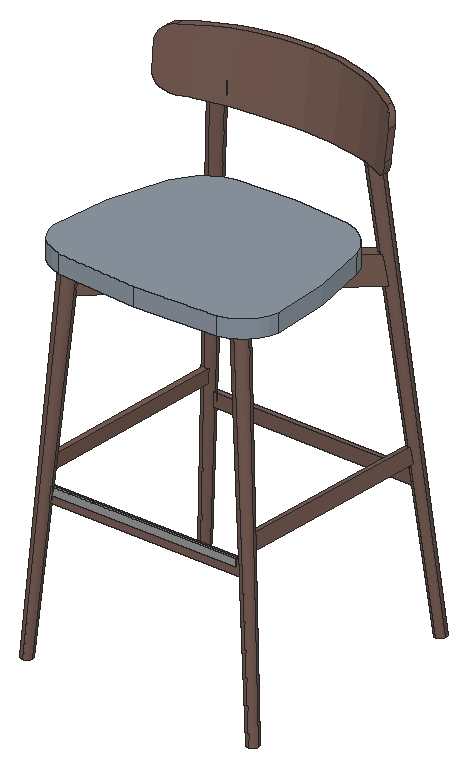
Revit family "FU_Stool_Sandler_Fly 3-1", category Furniture, Revit 2020
Family settings
  OmniClass Number = 23.40.20.00
  OmniClass Title = General Furniture and Specialties
  Work Plane-Based = No
  Always vertical = Yes
  Cut with Voids When Loaded = No
  Shared = No
  Room Calculation Point = No
Parameters (values of type "Fly 3.1")
  Width = 540 mm
  Upholstery = Fabric - Gravity - Frozen CPC27
  URL = "https://www.sandlerseating.com/product/fly-3-1/"
  Model = "Fly 3.1"
  Manufacturer = "Sandler"
  Height = 1080 mm
  Frame = Wood - Beech - Walnut - V
  Description = "Barstool with a solid beech back and frame with an upholstered seat, fitted with a stainless steel kick-plate on the front footrest."
  Depth = 535 mm
  Default Elevation = 0 mm
Reference planes
  plane 1 "Center (Front/Back)": y = 0
  plane 2: z = 0
  plane 3 "Center (Left/Right)": x = 0
  plane 4 "Right": x = -270
  plane 5 "Left": x = 270
  plane 6 "Back": y = 267.5
  plane 7 "Front": y = -267.5
  plane 8 "Height": z = 1080
  plane 9 "Seat height": z = 770
  plane 10 "FL Angle RIGHT": through (4267.2, -247.189, 3.106) normal (0, -0.9986, 0.0523)
  plane 11 "BL Angle RIGHT": through (4267.2, 253.813, 6.762) normal (0, -0.9968, -0.0796)
  plane 12 "RBL Anglr FRONT": through (-257.943, -1524, 6.867) normal (-0.996, 0, 0.0898)
  plane 13: through (188.37, -1524, 783.473) normal (0.9971, 0, 0.0759)
  plane 14 "cross Angle RIGHT": through (4267.2, -181.288, 717.026) normal (0, 0.0523, 0.9986)
Forms (mm)
  Sweep 1, solid, material "Wood - Beech - Walnut - V" <- "Frame"
    path origin (0, 0, 0) x (0, 1, 0) y (0, 0, 1)
      loop
        line (211.483, 893.134) -> (239.318, 1091.187)
    profile "Pro_Fly_back : Pro_Fly_back" origin (0, 225.4, 992.16) x (0, -0.990268, 0.139173) y (1, 0, 0)
      loop
        arc (114.642, 268.951) -> (-0.066, 0) -> (114.626, -268.958) r 372.681
        line (114.626, -268.958) -> (123.106, -260.478)
        arc (123.106, -260.478) -> (11.944, 0.039) -> (122.986, 260.608) r 361.047
        line (122.986, 260.608) -> (114.642, 268.951)
  Extrusion 2, void
    sketch origin (0, 0, 0) x (1, 0, 0) y (0, 0, 1)
      loop
        arc (0, 1075.598) -> (-115.054, 1076.734) -> (-230.061, 1080.196) r 5691.244
        arc (-230.061, 1080.196) -> (-248.857, 1073.596) -> (-258.008, 1055.902) r 26.995
        line (-258.008, 1055.902) -> (-255.802, 992.734)
        arc (-255.802, 992.734) -> (-246.214, 965.659) -> (-222.831, 948.98) r 47.759
        arc (-222.831, 948.98) -> (-112.201, 929.22) -> (0, 922.883) r 934.559
        arc (0, 922.883) -> (112.201, 929.22) -> (222.831, 948.98) r 934.559
        arc (222.831, 948.98) -> (246.214, 965.659) -> (255.802, 992.734) r 47.759
        line (255.802, 992.734) -> (258.008, 1055.902)
        arc (258.008, 1055.902) -> (248.857, 1073.596) -> (230.061, 1080.196) r 26.995
        arc (230.061, 1080.196) -> (115.054, 1076.734) -> (0, 1075.598) r 5691.244
      loop
        line (-290.391, 1143.375) -> (-290.391, 868.375) -> (294.609, 868.375) -> (294.609, 1143.375) -> (-290.391, 1143.375)
    from -267.5 to -69.622
  SweptBlend 3, solid, material "Wood - Beech - Walnut - V" <- "Frame"
    path origin (0, -246.675, 12.928) x (0, -0.052336, -0.99863) y (1, 0, 0)
      loop
        line (21.674, 248.655) -> (-776.014, 187.881)
    profile "Pro_Circles : 24mm" origin (248.655, -247.809, -8.717) x (-0.99711, -0.003976, -0.075863) y (0, -0.99863, 0.052336)
      loop
        arc (-11.967, 0.067) -> (-8.529, -8.434) -> (-0.067, -11.967) r 11.901
        arc (-0.067, -11.967) -> (8.482, -8.482) -> (11.967, 0.067) r 11.901
        arc (11.967, 0.067) -> (8.434, 8.529) -> (-0.067, 11.967) r 11.901
        arc (-0.067, 11.967) -> (-8.481, 8.481) -> (-11.967, 0.067) r 11.9
    end profile "Pro_Circles : 36mm" origin (187.881, -206.061, 787.878) x (-0.99711, -0.003976, -0.075863) y (0, -0.99863, 0.052336)
      loop
        arc (-17.967, 0.067) -> (-12.771, -12.677) -> (-0.066, -17.967) r 17.901
        arc (-0.066, -17.967) -> (12.725, -12.725) -> (17.967, 0.067) r 17.901
        arc (17.967, 0.067) -> (12.677, 12.771) -> (-0.067, 17.967) r 17.9
        arc (-0.067, 17.967) -> (-12.724, 12.724) -> (-17.967, 0.067) r 17.9
  SweptBlend 4, solid, material "Wood - Beech - Walnut - V" <- "Frame"
    path origin (0, 252.742, 20.172) x (0, 0.079561, -0.99683) y (1, 0, 0)
      loop
        line (29.008, -259.49) -> (-1016.727, -164.946)
    profile "Pro_Circles : 24mm" origin (-259.49, 255.05, -8.743) x (-0.995938, -0.007164, 0.089757) y (0, -0.99683, -0.079561)
      loop
        arc (-11.967, 0.067) -> (-8.529, -8.434) -> (-0.067, -11.967) r 11.901
        arc (-0.067, -11.967) -> (8.482, -8.482) -> (11.967, 0.067) r 11.901
        arc (11.967, 0.067) -> (8.434, 8.529) -> (-0.067, 11.967) r 11.901
        arc (-0.067, 11.967) -> (-8.481, 8.481) -> (-11.967, 0.067) r 11.9
    end profile "Pro_Circles : 36mm" origin (-164.946, 171.85, 1033.677) x (-0.995938, -0.007164, 0.089757) y (0, -0.99683, -0.079561)
      loop
        arc (-17.967, 0.067) -> (-12.771, -12.677) -> (-0.066, -17.967) r 17.901
        arc (-0.066, -17.967) -> (12.725, -12.725) -> (17.967, 0.067) r 17.901
        arc (17.967, 0.067) -> (12.677, 12.771) -> (-0.067, 17.967) r 17.9
        arc (-0.067, 17.967) -> (-12.724, 12.724) -> (-17.967, 0.067) r 17.9
  Sweep 5, void
    path origin (0, 0, 0) x (0, 1, 0) y (0, 0, 1)
      loop
        line (216.668, 929.556) -> (237.194, 1075.598)
    profile "Pro_Fly_back_void : Pro_Fly_back_void" origin (0, 226.931, 1002.577) x (0, -0.990267, 0.13918) y (1, 0, 0)
      loop
        line (60.774, -126.387) -> (32.441, -137.87)
        arc (32.441, -137.87) -> (46.411, -168.621) -> (63.108, -197.982) r 372.681
        line (63.108, -197.982) -> (92.912, -185.903)
        arc (92.912, -185.903) -> (78.429, -155.289) -> (60.774, -126.387) r 318.098
  SweptBlend 6, solid, material "Wood - Beech - Walnut - V" <- "Frame"
    path origin (0, -246.675, 12.928) x (0, -0.052336, -0.99863) y (-1, 0, 0)
      loop
        line (16.689, 248.275) -> (-776.014, 187.881)
    profile "Pro_Circles : 24mm" origin (-248.275, -247.548, -3.738) x (-0.99711, 0.003976, 0.075863) y (0, -0.99863, 0.052336)
      loop
        arc (11.967, 0.067) -> (8.481, 8.481) -> (0.067, 11.967) r 11.9
        arc (0.067, 11.967) -> (-8.434, 8.529) -> (-11.967, 0.067) r 11.901
        arc (-11.967, 0.067) -> (-8.482, -8.482) -> (0.067, -11.967) r 11.901
        arc (0.067, -11.967) -> (8.529, -8.434) -> (11.967, 0.067) r 11.901
    end profile "Pro_Circles : 36mm" origin (-187.881, -206.061, 787.878) x (-0.99711, 0.003976, 0.075863) y (0, -0.99863, 0.052336)
      loop
        arc (17.967, 0.067) -> (12.724, 12.724) -> (0.067, 17.967) r 17.9
        arc (0.067, 17.967) -> (-12.677, 12.771) -> (-17.967, 0.067) r 17.9
        arc (-17.967, 0.067) -> (-12.725, -12.725) -> (0.066, -17.967) r 17.901
        arc (0.066, -17.967) -> (12.771, -12.677) -> (17.967, 0.067) r 17.901
  SweptBlend 7, solid, material "Wood - Beech - Walnut - V" <- "Frame"
    path origin (0, 252.742, 20.172) x (0, 0.079561, -0.99683) y (-1, 0, 0)
      loop
        line (25.974, -259.216) -> (-1016.727, -164.946)
    profile "Pro_Circles : 24mm" origin (259.216, 254.809, -5.719) x (-0.995938, 0.007164, -0.089757) y (0, -0.99683, -0.079561)
      loop
        arc (11.967, 0.067) -> (8.481, 8.481) -> (0.067, 11.967) r 11.9
        arc (0.067, 11.967) -> (-8.434, 8.529) -> (-11.967, 0.067) r 11.901
        arc (-11.967, 0.067) -> (-8.482, -8.482) -> (0.067, -11.967) r 11.901
        arc (0.067, -11.967) -> (8.529, -8.434) -> (11.967, 0.067) r 11.901
    end profile "Pro_Circles : 36mm" origin (164.946, 171.85, 1033.677) x (-0.995938, 0.007164, -0.089757) y (0, -0.99683, -0.079561)
      loop
        arc (17.967, 0.067) -> (12.724, 12.724) -> (0.067, 17.967) r 17.9
        arc (0.067, 17.967) -> (-12.677, 12.771) -> (-17.967, 0.067) r 17.9
        arc (-17.967, 0.067) -> (-12.725, -12.725) -> (0.066, -17.967) r 17.901
        arc (0.066, -17.967) -> (12.771, -12.677) -> (17.967, 0.067) r 17.901
  Sweep 8, void
    path origin (0, 0, 0) x (0, 1, 0) y (0, 0, -1)
      loop
        line (216.689, -929.705) -> (237.226, -1075.821)
    profile "Pro_Fly_back_void : Pro_Fly_back_void" origin (0, 226.957, 1002.763) x (0, 0.990267, -0.13918) y (-1, 0, 0)
      loop
        arc (-60.774, -126.387) -> (-78.429, -155.289) -> (-92.912, -185.903) r 318.098
        line (-92.912, -185.903) -> (-63.108, -197.982)
        arc (-63.108, -197.982) -> (-46.411, -168.621) -> (-32.441, -137.87) r 372.681
        line (-32.441, -137.87) -> (-60.774, -126.387)
  Extrusion 9, solid, material "Fabric - Gravity - Frozen CPC27" <- "Upholstery"
    sketch origin (0, 0, 0) x (0, 1, 0) y (0, 0, 1)
      loop
        line (-267.5, 822.529) -> (-267.5, 783.229) -> (182.377, 759.652) -> (184.431, 798.844) -> (-267.5, 822.529)
    from -250 to 249.991
  Extrusion 10, void
    sketch origin (0, 0, 770) x (-1, 0, 0) y (0, -1, 0)
      loop
        arc (0, -178.748) -> (60.575, -176.673) -> (120.849, -170.298) r 852.253
        arc (120.849, -170.298) -> (173.465, -141.124) -> (206.238, -90.671) r 124.4
        arc (206.238, -90.671) -> (237.157, 40.73) -> (246.922, 175.366) r 851.531
        arc (246.922, 175.366) -> (223.067, 226.234) -> (173.988, 253.578) r 91.518
        arc (173.988, 253.578) -> (87.193, 262.298) -> (0, 264.916) r 1244.223
        arc (0, 264.916) -> (-87.193, 262.298) -> (-173.988, 253.578) r 1244.223
        arc (-173.988, 253.578) -> (-223.067, 226.234) -> (-246.922, 175.366) r 91.518
        arc (-246.922, 175.366) -> (-237.157, 40.73) -> (-206.238, -90.671) r 851.531
        arc (-206.238, -90.671) -> (-173.465, -141.124) -> (-120.849, -170.298) r 124.4
        arc (-120.849, -170.298) -> (-60.575, -176.673) -> (0, -178.748) r 852.253
      loop
        line (270, -204.479) -> (270, 280.303) -> (-270, 280.303) -> (-270, -204.479) -> (270, -204.479)
    from -20.025 to 60.141
  Extrusion 11, solid, material "Wood - Beech - Walnut - V" <- "Frame"
    sketch origin (0, 36.978, 705.587) x (0, -0.99863, 0.052336) y (1, 0, 0)
      loop
        line (-148.348, -202.724) -> (45.533, -15.495) -> (239.755, -203.053) -> (257.433, -185.375) -> (61.025, 0) -> (257.433, 185.375) -> (239.755, 203.053) -> (45.533, 15.495) -> (-148.348, 202.724) -> (-167.547, 183.525) -> (29.488, 0) -> (-167.547, -183.525) -> (-148.348, -202.724)
    from 0 to 61.601
  Extrusion 12, solid, material "Wood - Beech - Walnut - V" <- "Frame"
    sketch origin (0, 0, 0) x (0, 1, 0) y (0, 0, 1)
      loop
        line (-234.387, 343.413) -> (-236.032, 312.027) -> (-226.12, 311.507) -> (-224.476, 342.893) -> (-234.387, 343.413)
    from -222 to 222
  Extrusion 13, solid, material "Wood - Beech - Walnut - V" <- "Frame"
    sketch origin (0, 499.524, 14.094) x (0, 0.991908, 0.126955) y (0, -0.126955, 0.991908)
      loop
        line (-234.387, 343.413) -> (-236.032, 312.027) -> (-226.12, 311.507) -> (-224.476, 342.893) -> (-234.387, 343.413)
    from -222 to 222
  Extrusion 14, solid, material "Wood - Beech - Walnut - V" <- "Frame"
    sketch origin (47.084, 0, -23.555) x (0, 1, 0) y (-0.118313, 0, 0.992976)
      loop
        line (-229.696, 394.438) -> (-230.992, 361.961) -> (229.83, 343.558) -> (231.127, 376.034) -> (-229.696, 394.438)
    from 216 to 226
  Extrusion 15, solid, material "Wood - Beech - Walnut - V" <- "Frame"
    sketch origin (-47.084, 0, -23.555) x (0, 1, 0) y (-0.118313, 0, -0.992976)
      loop
        line (-229.696, -394.438) -> (231.127, -376.034) -> (229.83, -343.558) -> (-230.992, -361.961) -> (-229.696, -394.438)
    from 216 to 226
  Extrusion 16, void
    sketch origin (0, 0, 0) x (1, 0, 0) y (0, 1, 0)
      loop
        line (-270, -267.5) -> (-222, -267.5) -> (-222, -224.476) -> (-270, -224.476) -> (-270, -267.5)
    from 0 to -20
  Extrusion 17, void
    sketch origin (0, 0, 0) x (-1, 0, 0) y (0, -1, 0)
      loop
        line (-270, 267.5) -> (-270, 224.476) -> (-222, 224.476) -> (-222, 267.5) -> (-270, 267.5)
    from 0 to -20
  Extrusion 18, void
    sketch origin (0, 0, 0) x (1, 0, 0) y (0, 1, 0)
      loop
        line (-279.763, 276.51) -> (-279.763, 231.51) -> (-234.763, 231.51) -> (-234.763, 276.51) -> (-279.763, 276.51)
    from 0 to -20
  Extrusion 19, void
    sketch origin (0, 0, 0) x (-1, 0, 0) y (0, -1, 0)
      loop
        line (-279.763, -276.51) -> (-234.763, -276.51) -> (-234.763, -231.51) -> (-279.763, -231.51) -> (-279.763, -276.51)
    from 0 to -20
  Extrusion 20, solid, material "Stainless Steel AISI 304"
    sketch origin (0, 0, 0) x (0, 1, 0) y (0, 0, 1)
      loop
        line (-234.7, 343.725) -> (-235.537, 327.747) -> (-234.491, 327.747) -> (-233.706, 342.727) -> (-229.797, 342.522) -> (-229.797, 343.468) -> (-234.7, 343.725)
    from -200 to 200
Cuts and joins
  Extrusion 2 cuts Sweep 1
  Sweep 5, Extrusion 18 cuts SweptBlend 4
  Sweep 8, Extrusion 19 cuts SweptBlend 7
  Extrusion 10 cuts Extrusion 9
  Extrusion 16, Extrusion 17 cuts SweptBlend 6
  Extrusion 17 cuts SweptBlend 3
Dimensions and locks
  equal spacing: plane 4 "Right", plane 3 "Center (Left/Right)", plane 5 "Left"
  "Width": plane 4 "Right" to plane 5 "Left"
  equal spacing: plane 6 "Back", plane 1 "Center (Front/Back)", plane 7 "Front"
  "Depth": plane 6 "Back" to plane 7 "Front"
  "Height": plane 8 "Height" to level
  plane 9 "Seat height" to level = 770 mm
  aligned and locked: level to plane 2
Automatic sketch dimensions
  Sweep 1 sketch curve to plane 6 "Back" = 56.017 mm
  plane 9 "Seat height" to Sweep 1 sketch curve = 123.134 mm
  plane 8 "Height" to Sweep 1 sketch curve = 11.187 mm
  Sweep 1 sketch curve to plane 6 "Back" = 28.182 mm
  Extrusion 2 sketch curve to plane 3 "Center (Left/Right)" = 0 mm  (x2)
  Extrusion 2 sketch curve to plane 3 "Center (Left/Right)" = 1.33 mm
  Extrusion 2 sketch curve to plane 3 "Center (Left/Right)" = 3.495 mm
  Extrusion 2 sketch curve to plane 4 "Right" = 61.927 mm
  Extrusion 2 sketch curve to plane 4 "Right" = 38.854 mm
  Extrusion 2 sketch curve to plane 4 "Right" = 14.198 mm
  Extrusion 2 sketch curve to plane 4 "Right" = 11.992 mm
  plane 4 "Right" to Extrusion 2 sketch curve = 20.391 mm
  plane 3 "Center (Left/Right)" to Extrusion 2 sketch curve = 1.33 mm
  plane 3 "Center (Left/Right)" to Extrusion 2 sketch curve = 3.495 mm
  plane 5 "Left" to Extrusion 2 sketch curve = 61.927 mm
  plane 5 "Left" to Extrusion 2 sketch curve = 38.854 mm
  plane 5 "Left" to Extrusion 2 sketch curve = 14.198 mm
  plane 5 "Left" to Extrusion 2 sketch curve = 11.992 mm
  Extrusion 2 sketch curve to plane 5 "Left" = 24.609 mm
  plane 9 "Seat height" to Extrusion 2 sketch curve = 98.375 mm
  Extrusion 2 sketch curve to plane 8 "Height" = 87.266 mm  (x2)
  Extrusion 2 sketch curve to Extrusion 2 sketch curve = 1.667 mm  (x2)
  Extrusion 2 sketch curve to plane 8 "Height" = 26.777 mm  (x2)
  Extrusion 2 sketch curve to plane 8 "Height" = 24.098 mm  (x2)
  plane 8 "Height" to Extrusion 2 sketch curve = 63.375 mm
  Extrusion 2 sketch curve to Extrusion 2 sketch curve = 714.061 mm
  Extrusion 2 sketch curve to Extrusion 2 sketch curve = 0 mm  (x3)
  Extrusion 2 sketch curve to Extrusion 2 sketch curve = 4909.406 mm
  Extrusion 2 sketch curve to plane 4 "Right" = 47.169 mm
  plane 14 "cross Angle RIGHT" to SweptBlend 3 sketch curve = 69.458 mm
  plane 5 "Left" to SweptBlend 3 sketch curve = 82.119 mm
  plane 5 "Left" to SweptBlend 3 sketch curve = 21.345 mm
  SweptBlend 3 sketch curve to plane 14 "cross Angle RIGHT" = 728.23 mm
  SweptBlend 4 sketch curve to plane 4 "Right" = 105.054 mm
  SweptBlend 4 sketch curve to plane 4 "Right" = 10.51 mm
  SweptBlend 4 sketch curve to SweptBlend 4 sketch curve = 1045.735 mm
  Sweep 5 sketch curve to plane 6 "Back" = 50.832 mm
  Sweep 5 sketch curve to plane 8 "Height" = 150.444 mm
  Sweep 5 sketch curve to plane 8 "Height" = 4.402 mm
  Sweep 5 sketch curve to plane 6 "Back" = 30.306 mm
  SweptBlend 6 sketch curve to plane 14 "cross Angle RIGHT" = 69.458 mm
  plane 4 "Right" to SweptBlend 6 sketch curve = 82.119 mm
  plane 4 "Right" to SweptBlend 6 sketch curve = 21.725 mm
  plane 14 "cross Angle RIGHT" to SweptBlend 6 sketch curve = 723.244 mm
  SweptBlend 7 sketch curve to plane 5 "Left" = 105.054 mm
  SweptBlend 7 sketch curve to plane 5 "Left" = 10.784 mm
  SweptBlend 7 sketch curve to SweptBlend 7 sketch curve = 1042.701 mm
  Sweep 8 sketch curve to plane 6 "Back" = 50.811 mm
  Sweep 8 sketch curve to plane 8 "Height" = 4.179 mm
  Sweep 8 sketch curve to plane 6 "Back" = 30.274 mm
  Sweep 8 sketch curve to Sweep 8 sketch curve = 146.116 mm
  Extrusion 9 sketch curve to plane 7 "Front" = 0 mm
  Extrusion 9 sketch curve to plane 9 "Seat height" = 10.348 mm
  Extrusion 9 sketch curve to plane 6 "Back" = 85.123 mm
  plane 9 "Seat height" to Extrusion 9 sketch curve = 28.844 mm
  Extrusion 9 sketch curve to Extrusion 9 sketch curve = 2.054 mm
  Extrusion 10 sketch curve to plane 5 "Left" = 0 mm
  Extrusion 10 sketch curve to plane 3 "Center (Left/Right)" = 0 mm  (x2)
  Extrusion 10 sketch curve to plane 4 "Right" = 0 mm
  plane 7 "Front" to Extrusion 10 sketch curve = 98.046 mm  (x2)
  Extrusion 10 sketch curve to plane 5 "Left" = 334.589 mm
  plane 5 "Left" to Extrusion 10 sketch curve = 113.865 mm
  Extrusion 10 sketch curve to plane 1 "Center (Front/Back)" = 50.144 mm  (x2)
  plane 3 "Center (Left/Right)" to Extrusion 10 sketch curve = 88.624 mm
  plane 3 "Center (Left/Right)" to Extrusion 10 sketch curve = 6.286 mm
  plane 3 "Center (Left/Right)" to Extrusion 10 sketch curve = 1.125 mm
  Extrusion 10 sketch curve to plane 3 "Center (Left/Right)" = 1.125 mm
  Extrusion 10 sketch curve to plane 3 "Center (Left/Right)" = 6.286 mm
  Extrusion 10 sketch curve to plane 3 "Center (Left/Right)" = 88.624 mm
  Extrusion 10 sketch curve to plane 4 "Right" = 113.865 mm
  plane 4 "Right" to Extrusion 10 sketch curve = 334.589 mm
  Extrusion 10 sketch curve to plane 6 "Back" = 63.021 mm
  plane 6 "Back" to Extrusion 10 sketch curve = 711.791 mm
  Extrusion 10 sketch curve to Extrusion 10 sketch curve = 0 mm  (x2)
  plane 7 "Front" to Extrusion 10 sketch curve = 103.681 mm
  plane 1 "Center (Front/Back)" to Extrusion 10 sketch curve = 163.819 mm
  Extrusion 10 sketch curve to plane 7 "Front" = 12.803 mm
  Extrusion 10 sketch curve to plane 7 "Front" = 406.003 mm
  plane 5 "Left" to Extrusion 10 sketch curve = 23.078 mm
  plane 5 "Left" to Extrusion 10 sketch curve = 63.762 mm
  plane 7 "Front" to Extrusion 10 sketch curve = 13.922 mm  (x2)
  Extrusion 10 sketch curve to Extrusion 10 sketch curve = 17.853 mm
  Extrusion 10 sketch curve to plane 6 "Back" = 97.202 mm  (x2)
  Extrusion 10 sketch curve to plane 4 "Right" = 63.762 mm
  Extrusion 11 sketch curve to plane 3 "Center (Left/Right)" = 0 mm  (x2)
  plane 5 "Left" to Extrusion 11 sketch curve = 86.475 mm
  Extrusion 11 sketch curve to plane 10 "FL Angle RIGHT" = 414.56 mm
  Extrusion 11 sketch curve to plane 4 "Right" = 86.475 mm
  Extrusion 11 sketch curve to Extrusion 11 sketch curve = 0 mm
  Extrusion 11 sketch curve to plane 4 "Right" = 67.276 mm
  Extrusion 11 sketch curve to Extrusion 11 sketch curve = 19.199 mm  (x2)
  plane 5 "Left" to Extrusion 11 sketch curve = 67.276 mm
  Extrusion 11 sketch curve to plane 10 "FL Angle RIGHT" = 217.525 mm
  Extrusion 11 sketch curve to plane 3 "Center (Left/Right)" = 15.495 mm
  Extrusion 11 sketch curve to Extrusion 11 sketch curve = 16.046 mm  (x2)
  plane 3 "Center (Left/Right)" to Extrusion 11 sketch curve = 15.495 mm
  Extrusion 11 sketch curve to Extrusion 11 sketch curve = 15.491 mm
  Extrusion 11 sketch curve to plane 10 "FL Angle RIGHT" = 7.258 mm  (x2)
  plane 10 "FL Angle RIGHT" to Extrusion 11 sketch curve = 10.42 mm  (x2)
  Extrusion 11 sketch curve to plane 4 "Right" = 66.947 mm
  Extrusion 11 sketch curve to Extrusion 11 sketch curve = 17.678 mm  (x2)
  plane 5 "Left" to Extrusion 11 sketch curve = 84.625 mm
  plane 7 "Front" to Extrusion 12 sketch curve = 31.468 mm
  Extrusion 12 sketch curve to Extrusion 12 sketch curve = 1.645 mm
  Extrusion 12 sketch curve to Extrusion 12 sketch curve = 9.912 mm
  level to Extrusion 12 sketch curve = 311.507 mm
  Extrusion 12 sketch curve to Extrusion 12 sketch curve = 0.519 mm
  plane 11 "BL Angle RIGHT" to Extrusion 13 sketch curve = 5.112 mm
  Extrusion 13 sketch curve to plane 6 "Back" = 41.712 mm
  Extrusion 13 sketch curve to Extrusion 13 sketch curve = 1.645 mm
  Extrusion 13 sketch curve to Extrusion 13 sketch curve = 9.912 mm
  Extrusion 13 sketch curve to Extrusion 13 sketch curve = 0.519 mm
  plane 7 "Front" to Extrusion 14 sketch curve = 36.508 mm
  Extrusion 14 sketch curve to Extrusion 14 sketch curve = 1.297 mm
  Extrusion 14 sketch curve to plane 6 "Back" = 37.67 mm
  Extrusion 14 sketch curve to Extrusion 14 sketch curve = 18.403 mm
  plane 7 "Front" to Extrusion 15 sketch curve = 36.508 mm
  Extrusion 15 sketch curve to Extrusion 15 sketch curve = 1.297 mm
  Extrusion 15 sketch curve to plane 6 "Back" = 37.67 mm
  Extrusion 15 sketch curve to Extrusion 15 sketch curve = 18.403 mm
  Extrusion 16 sketch curve to plane 4 "Right" = 0 mm
  Extrusion 16 sketch curve to plane 7 "Front" = 0 mm
  Extrusion 16 sketch curve to plane 4 "Right" = 48 mm
  plane 7 "Front" to Extrusion 16 sketch curve = 43.024 mm
  Extrusion 17 sketch curve to plane 5 "Left" = 0 mm
  Extrusion 17 sketch curve to plane 7 "Front" = 0 mm
  Extrusion 17 sketch curve to plane 5 "Left" = 48 mm
  Extrusion 17 sketch curve to Extrusion 17 sketch curve = 43.024 mm
  plane 4 "Right" to Extrusion 18 sketch curve = 9.763 mm
  Extrusion 18 sketch curve to plane 4 "Right" = 35.237 mm
  Extrusion 18 sketch curve to plane 6 "Back" = 35.99 mm
  plane 6 "Back" to Extrusion 18 sketch curve = 9.01 mm
  plane 5 "Left" to Extrusion 19 sketch curve = 9.763 mm
  Extrusion 19 sketch curve to plane 5 "Left" = 35.237 mm
  plane 6 "Back" to Extrusion 19 sketch curve = 35.99 mm
  Extrusion 19 sketch curve to plane 6 "Back" = 9.01 mm
  plane 7 "Front" to Extrusion 20 sketch curve = 31.963 mm
  Extrusion 20 sketch curve to Extrusion 20 sketch curve = 0.837 mm
  Extrusion 20 sketch curve to Extrusion 20 sketch curve = 1.047 mm
  Extrusion 20 sketch curve to Extrusion 20 sketch curve = 0.994 mm
  level to Extrusion 20 sketch curve = 327.747 mm
  Extrusion 20 sketch curve to Extrusion 20 sketch curve = 14.979 mm
  Extrusion 20 sketch curve to Extrusion 20 sketch curve = 0.999 mm
  Extrusion 20 sketch curve to Extrusion 20 sketch curve = 3.909 mm
